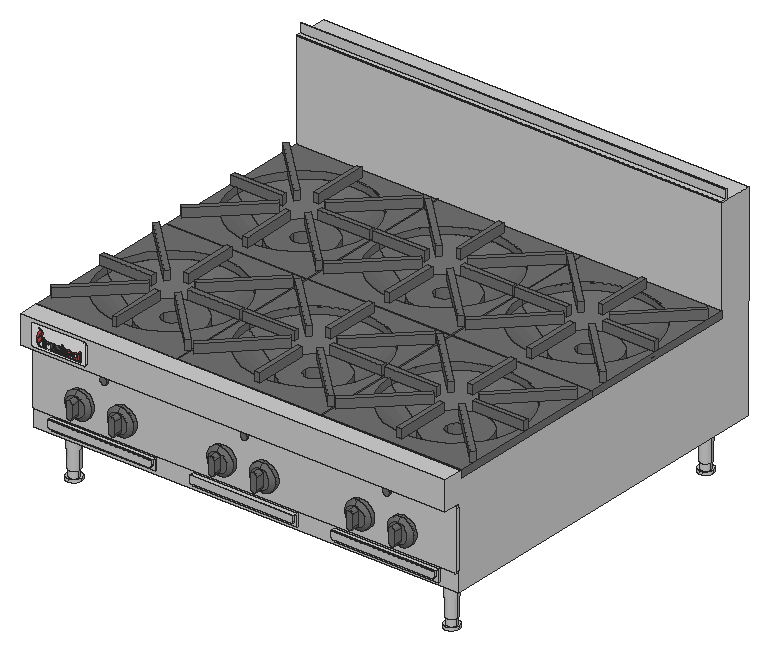
Revit family "QF_COMCATER ALL BRANDS_RCT9-6", category Specialty Equipment, Revit 2014 (continued)
Definition of nested family "QF_COMCATER ALL BRANDS_RCT9-6_Natural Gas"
  Lines and regions (mm)
    symbolic lines, style "200-EquipInternal-2D"
      curve 311: arc (746.186, -448.394, 0) -> (695.778, -459.86, 0) -> (653.078, -488.999, 0) r 138.608
      curve 312: arc (612.472, -582.108, 0) -> (621.956, -536.274, 0) -> (646.135, -496.199, 0) r 138.797
      curve 313: arc (756.186, -725.821, 0) -> (806.594, -714.355, 0) -> (849.295, -685.216, 0) r 138.608
      curve 314: arc (889.9, -592.108, 0) -> (880.416, -637.941, 0) -> (856.237, -678.017, 0) r 138.797
      curve 315: arc (746.186, -725.821, 0) -> (695.778, -714.355, 0) -> (653.078, -685.216, 0) r 138.608
      curve 316: arc (612.472, -592.108, 0) -> (621.956, -637.941, 0) -> (646.135, -678.017, 0) r 138.797
      curve 317: line (602.372, -415, 0) -> (602.372, -760, 0)
      curve 318: line (297.628, -415, 0) -> (297.628, -760, 0)
  Dimensions and locks
    plane 1 "Back" to plane 5 "Front" = 803 mm
    plane 6 "Top" to level = 455 mm  (x2)
    plane 3 "Left" to plane 4 "Right" = 900 mm
    plane 5 "Front" to plane 1 "Back" = 803 mm
    plane 4 "Right" to plane 3 "Left" = 900 mm
    aligned and locked: level to plane 2
  Connectors
    piping at (96, 10, 22), diameter 19
      settings: on Extrusion 25, index 1, connector inside diameter 609.6 mm, connector length 0 mm, flow factor 0, pipe flow 0.0 L/s, pressure drop 0.0 Pa, fitting loss kfactor 0, connector angle 0.00°, fixture units 0, engagement length 0 mm, angle of deflection 0.00°, flow configuration 1, flow direction 1, fitting loss method 0, system type 22, joint type 0, gender type 0, connector reference index -1, connector utility 0, adjustable connector no, is connector primary yes, connector description "Gas Inlet"
Definition of nested family "QF_COMCATER_B05002-900"
  Parameters (values of type "B05002-900")
    URL = ""
    Type Comments = ""
    Show Logo [instance] = yes
    Show Clearance [instance] = yes
    Model = "B05002"
    Manufacturer = "TRUEHEAT"
    Length Actual = 900 mm
    Height Actual = 100 mm
    Description = "ADJUSTABLE LEG FOR RCT COUNTERTOP MOUNTING 900MM"
    Depth Actual = 803 mm
    Assembly Code = "E1090320"
    Accessory = yes
  Reference planes
    plane 1 "Back": y = 0
    plane 2: z = 0
    plane 3 "Left": x = 0
    plane 4 "Right": x = 900
    plane 5 "Front": y = -803
    plane 6 "Top": z = 100
  Forms (mm)
    Revolve 1, solid
      sketch origin (0, -50, 0) x (1, 0, 0) y (0, 0, 1)
        loop
          line (50, 0) -> (65.5, 0) -> (65.5, 5) -> (60, 5) -> (60, 20) -> (62, 20) -> (63.5, 95) -> (65.5, 95) -> (65.5, 100) -> (50, 100) -> (50, 0)
        axis (50, 0) -> (50, 100)
      angle from 0 to 360
    Revolve 2, solid
      sketch origin (0, -723, 0) x (1, 0, 0) y (0, 0, -1)
        loop
          line (50, 0) -> (50, -100) -> (65.5, -100) -> (65.5, -95) -> (63.5, -95) -> (62, -20) -> (60, -20) -> (60, -5) -> (65.5, -5) -> (65.5, 0) -> (50, 0)
        axis (50, 0) -> (50, -100)
      angle from 0 to 360
    Revolve 3, solid
      sketch origin (900, -50, 0) x (-1, 0, 0) y (0, 0, -1)
        loop
          line (50, 0) -> (50, -100) -> (65.5, -100) -> (65.5, -95) -> (63.5, -95) -> (62, -20) -> (60, -20) -> (60, -5) -> (65.5, -5) -> (65.5, 0) -> (50, 0)
        axis (50, 0) -> (50, -100)
      angle from 0 to 360
    Revolve 4, solid
      sketch origin (900, -723, 0) x (-1, 0, 0) y (0, 0, 1)
        loop
          line (50, 0) -> (65.5, 0) -> (65.5, 5) -> (60, 5) -> (60, 20) -> (62, 20) -> (63.5, 95) -> (65.5, 95) -> (65.5, 100) -> (50, 100) -> (50, 0)
        axis (50, 0) -> (50, 100)
      angle from 0 to 360
  Dimensions and locks
    plane 3 "Left" to plane 4 "Right" = 900 mm
    plane 5 "Front" to plane 1 "Back" = 803 mm
    plane 6 "Top" to level = 100 mm
    aligned and locked: level to plane 2
Types (2): name
  RCT9-6_Natural Gas
  RCT9-6_LPG
